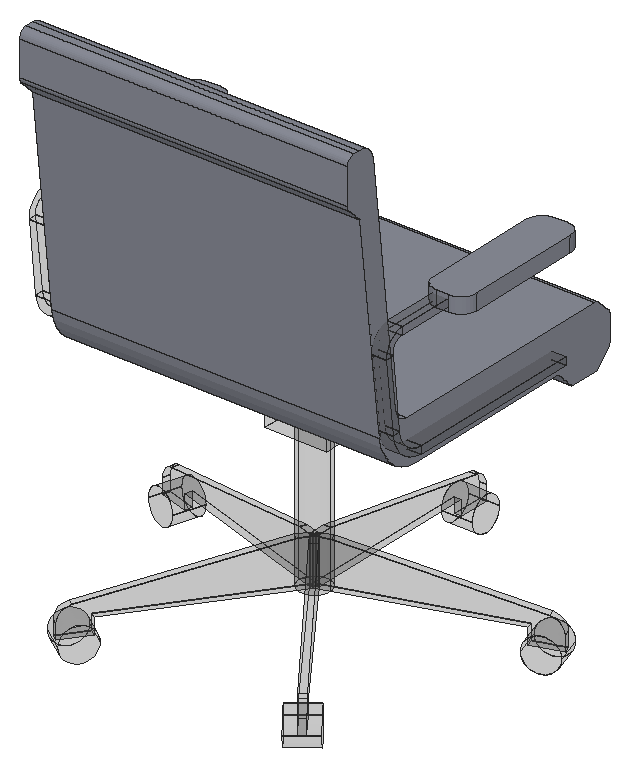
Revit family "Chair-Task Arms", category Furniture, Revit 2018
Family settings
  OmniClass Number = 23.40.20.14.14.11
  OmniClass Title = Chairs
  Work Plane-Based = No
  Always vertical = Yes
  Cut with Voids When Loaded = No
  Shared = Yes
  Room Calculation Point = No
Parameters (values of type "Chair-Task Arms")
  Assembly Code = "E2020200"
  Base Material = Plastic, Opaque Black
  Caster Material = Plastic, Opaque Black
  Seat/Back Material = Textile - Slate Blue
Reference planes (in)
  plane 1 "Center (Front/Back)": y = 0.7459
  plane 2: z = 0
  plane 3 "Center (Left/Right)": x = 5.55082
  plane 4: x = 18.05082
  plane 5: x = -6.94918
  plane 6: y = -12.7541
  plane 7: y = 14.2459
  plane 8: z = 35
  plane 9 "Seat": z = 18
  plane 10: y = -9.7541
  plane 11: z = 34
  plane 12: y = 11.2459
  plane 13: y = 10.2459
  plane 14: z = 17
  plane 15: y = -8.7541
  plane 16: z = 31
  plane 17: z = 14
  plane 18: x = 7.55082
  plane 19: x = 3.55082
  plane 20: x = 16.55082
  plane 21: x = -5.44918
  plane 22: z = 24
  plane 23: z = 24
Forms (in)
  Extrusion 1, solid, material "Textile - Slate Blue" <- "Seat/Back Material"
    sketch origin (-6.94918, 0, 0) x (0, -1, 0) y (0, 0, 1)
      loop
        arc (-10.03977, 18) -> (-10.23034, 17.96226) -> (-10.39214, 17.85473) r 0.5
        line (-10.39214, 17.85473) -> (-11.09827, 17.15331)
        arc (-11.09827, 17.15331) -> (-11.20752, 16.99069) -> (-11.2459, 16.79857) r 0.5
        line (-11.2459, 16.79857) -> (-11.2459, 15.41892)
        arc (-11.2459, 15.41892) -> (-11.17042, 15.03778) -> (-10.95537, 14.71418) r 1
        line (-10.95537, 14.71418) -> (-10.24595, 14) -> (-8.24595, 14) -> (-7.12892, 15.10959) -> (4.21689, 15.10959)
        arc (4.21689, 15.10959) -> (6.21043, 15.86776) -> (7.19634, 17.75907) r 3
        line (7.19634, 17.75907) -> (8.7541, 31) -> (9.60765, 31.85355)
        arc (9.60765, 31.85355) -> (9.71604, 32.01577) -> (9.7541, 32.20711) r 0.5
        line (9.7541, 32.20711) -> (9.7541, 34.5)
        arc (9.7541, 34.5) -> (9.60765, 34.85355) -> (9.2541, 35) r 0.5
        line (9.2541, 35) -> (8.7472, 35)
        arc (8.7472, 35) -> (8.08269, 34.74728) -> (7.75405, 34.11684) r 1
        line (7.75405, 34.11684) -> (5.96185, 18.88316)
        arc (5.96185, 18.88316) -> (5.63322, 18.25272) -> (4.9687, 18) r 1
        line (4.9687, 18) -> (-10.03977, 18)
    from -2 to -23
  Extrusion 2, solid, material "Plastic, Opaque Black" <- "Base Material"
    sketch origin (7.55082, 0, 0) x (0, -1, 0) y (0, 0, 1)
      loop
        line (0.7541, 15.10959) -> (-2.7459, 15.10959) -> (-2.7459, 14.60959) -> (-0.7459, 11.14549) -> (0.7541, 11.14549) -> (0.7541, 15.10959)
    from 0 to 4
  Extrusion 3, solid, material "Plastic, Opaque Black" <- "Base Material"
    sketch origin (5.55082, 0, 0) x (0, 1, 0) y (0, 0, 1)
      loop
        line (0.7459, 2.10959) -> (12.2459, 2.10959) -> (12.2459, 1.10959) -> (14.2459, 1.10959) -> (14.2459, 2.0664)
        arc (14.2459, 2.0664) -> (14.01195, 2.70919) -> (13.41955, 3.05121) r 1
        line (13.41955, 3.05121) -> (1.7459, 5.10959) -> (0.7459, 5.10959) -> (0.7459, 2.10959)
    from 0.25 to -0.25
  Extrusion 4, solid, material "Plastic, Opaque Black" <- "Caster Material"
    sketch origin (5.55082, 0, 0) x (0, 1, 0) y (0, 0, 1)
      loop
        circle (13.2459, 1.10959) r 1.11025
    from 1 to -1
  Extrusion 5, solid, material "Plastic, Opaque Black" <- "Base Material"
    sketch origin (6.26021, 0.51541, 0) x (-0.951057, 0.309017, 0) y (0, 0, 1)
      loop
        line (0.7459, 2.10959) -> (12.2459, 2.10959) -> (12.2459, 1.10959) -> (14.2459, 1.10959) -> (14.2459, 2.0664)
        arc (14.2459, 2.0664) -> (14.01195, 2.70919) -> (13.41955, 3.05121) r 1
        line (13.41955, 3.05121) -> (1.7459, 5.10959) -> (0.7459, 5.10959) -> (0.7459, 2.10959)
    from 0.25 to -0.25
  Extrusion 6, solid, material "Plastic, Opaque Black" <- "Caster Material"
    sketch origin (6.26021, 0.51541, 0) x (-0.951057, 0.309017, 0) y (0, 0, 1)
      loop
        circle (13.2459, 1.10959) r 1.11025
    from 1 to -1
  Extrusion 7, solid, material "Plastic, Opaque Black" <- "Base Material"
    sketch origin (5.98925, 1.34935, 0) x (-0.587785, -0.809017, 0) y (0, 0, 1)
      loop
        line (0.7459, 2.10959) -> (12.2459, 2.10959) -> (12.2459, 1.10959) -> (14.2459, 1.10959) -> (14.2459, 2.0664)
        arc (14.2459, 2.0664) -> (14.01195, 2.70919) -> (13.41955, 3.05121) r 1
        line (13.41955, 3.05121) -> (1.7459, 5.10959) -> (0.7459, 5.10959) -> (0.7459, 2.10959)
    from 0.25 to -0.25
  Extrusion 8, solid, material "Plastic, Opaque Black" <- "Caster Material"
    sketch origin (5.98925, 1.34935, 0) x (-0.587785, -0.809017, 0) y (0, 0, 1)
      loop
        circle (13.2459, 1.10959) r 1.11025
    from 1 to -1
  Extrusion 9, solid, material "Plastic, Opaque Black" <- "Base Material"
    sketch origin (5.11239, 1.34935, 0) x (0.587785, -0.809017, 0) y (0, 0, 1)
      loop
        line (0.7459, 2.10959) -> (12.2459, 2.10959) -> (12.2459, 1.10959) -> (14.2459, 1.10959) -> (14.2459, 2.0664)
        arc (14.2459, 2.0664) -> (14.01195, 2.70919) -> (13.41955, 3.05121) r 1
        line (13.41955, 3.05121) -> (1.7459, 5.10959) -> (0.7459, 5.10959) -> (0.7459, 2.10959)
    from 0.25 to -0.25
  Extrusion 10, solid, material "Plastic, Opaque Black" <- "Caster Material"
    sketch origin (5.11239, 1.34935, 0) x (0.587785, -0.809017, 0) y (0, 0, 1)
      loop
        circle (13.2459, 1.10959) r 1.11025
    from 1 to -1
  Extrusion 11, solid, material "Plastic, Opaque Black" <- "Base Material"
    sketch origin (4.84143, 0.51541, 0) x (0.951057, 0.309017, 0) y (0, 0, 1)
      loop
        line (0.7459, 2.10959) -> (12.2459, 2.10959) -> (12.2459, 1.10959) -> (14.2459, 1.10959) -> (14.2459, 2.0664)
        arc (14.2459, 2.0664) -> (14.01195, 2.70919) -> (13.41955, 3.05121) r 1
        line (13.41955, 3.05121) -> (1.7459, 5.10959) -> (0.7459, 5.10959) -> (0.7459, 2.10959)
    from 0.25 to -0.25
  Extrusion 12, solid, material "Plastic, Opaque Black" <- "Caster Material"
    sketch origin (4.84143, 0.51541, 0) x (0.951057, 0.309017, 0) y (0, 0, 1)
      loop
        circle (13.2459, 1.10959) r 1.11025
    from 1 to -1
  Extrusion 13, solid, material "Plastic, Opaque Black" <- "Base Material"
    sketch origin (0, 0, 0) x (1, 0, 0) y (0, 1, 0)
      loop
        circle (5.55082, 0.7459) r 1
    from 2.10959 to 15.125
  Sweep 14, solid, material "Plastic, Opaque Black" <- "Base Material"
    path origin (16.55082, 0, 0) x (0, -1, 0) y (0, 0, 1)
      loop
        line (-6.57606, 16.5) -> (5.05233, 16.5)
        arc (5.05233, 16.5) -> (6.38136, 17.00545) -> (7.03863, 18.26632) r 2
        line (7.03863, 18.26632) -> (7.58179, 22.88316)
        arc (7.58179, 22.88316) -> (7.33592, 23.66451) -> (6.58864, 24) r 1
        line (6.58864, 24) -> (-0.7459, 24)
    profile origin (16.55082, 0.76186, 0) x (0, 0, 1) y (-1, 0, 0)
      loop
        line (16.75, 0.5) -> (16.25, 0.5) -> (16.25, -0.5) -> (16.75, -0.5) -> (16.75, 0.5)
  Sweep 15, solid, material "Plastic, Opaque Black" <- "Base Material"
    path origin (-5.44918, 0, 0) x (0, -1, 0) y (0, 0, 1)
      loop
        line (-6.57606, 16.5) -> (4.97003, 16.5)
        arc (4.97003, 16.5) -> (6.29906, 17.00545) -> (6.95634, 18.26632) r 2
        line (6.95634, 18.26632) -> (7.49949, 22.88316)
        arc (7.49949, 22.88316) -> (7.25362, 23.66451) -> (6.50634, 24) r 1
        line (6.50634, 24) -> (-0.7459, 24)
    profile origin (-5.44918, 0.80301, 0) x (0, 0, 1) y (-1, 0, 0)
      loop
        line (16.25, -0.5) -> (16.75, -0.5) -> (16.75, 0.5) -> (16.25, 0.5) -> (16.25, -0.5)
  Extrusion 16, solid, material "Textile - Slate Blue" <- "Seat/Back Material"
    sketch origin (16.05082, 6.57606, 16.75) x (0, -1, 0) y (1, 0, 0)
      loop
        line (9.49743, 0.25) -> (9.49743, 1)
        arc (9.49743, 1) -> (9.20454, 1.70711) -> (8.49743, 2) r 1
        line (8.49743, 2) -> (1, 2)
        arc (1, 2) -> (0.29289, 1.70711) -> (0, 1) r 1
        line (0, 1) -> (0, 0.25)
        arc (0, 0.25) -> (0.29289, -0.45711) -> (1, -0.75) r 1
        line (1, -0.75) -> (8.49743, -0.75)
        arc (8.49743, -0.75) -> (9.20454, -0.45711) -> (9.49743, 0.25) r 1
      loop
        line (9.45628, -22) -> (9.45628, -21.25)
        arc (9.45628, -21.25) -> (9.16339, -20.54289) -> (8.45628, -20.25) r 1
        line (8.45628, -20.25) -> (1, -20.25)
        arc (1, -20.25) -> (0.29289, -20.54289) -> (0, -21.25) r 1
        line (0, -21.25) -> (0, -22)
        arc (0, -22) -> (0.29289, -22.70711) -> (1, -23) r 1
        line (1, -23) -> (8.45628, -23)
        arc (8.45628, -23) -> (9.16339, -22.70711) -> (9.45628, -22) r 1
    from 6.75 to 7.75
Lines and regions (in)
  Masking region 1
    outline origin (0, 0, 18) x (0, -1, 0) y (1, 0, 0)
      loop
        line (-11.09827, -5.19918) -> (-6.62261, -5.19918) -> (-6.62261, -5.94821)
        arc (-6.62261, -5.94821) -> (-6.32081, -6.6768) -> (-5.59222, -6.97859) r 1.03038
        line (-5.59222, -6.97859) -> (1.93758, -6.97859)
        arc (1.93758, -6.97859) -> (2.68558, -6.66875) -> (2.99542, -5.92075) r 1.05784
        line (2.99542, -5.92075) -> (2.99542, -5.19918) -> (8.60765, -5.19918)
        arc (8.60765, -5.19918) -> (9.16662, -5.02837) -> (9.53463, -4.5743) r 1
        arc (9.53463, -4.5743) -> (9.69764, -4.28044) -> (9.7541, -3.94918) r 1
        line (9.7541, -3.94918) -> (9.7541, 15.05082)
        arc (9.7541, 15.05082) -> (9.69764, 15.38208) -> (9.53463, 15.67594) r 1
        arc (9.53463, 15.67594) -> (9.16662, 16.13001) -> (8.60765, 16.30082) r 1
        line (8.60765, 16.30082) -> (3.03621, 16.30082) -> (3.03621, 17.02246)
        arc (3.03621, 17.02246) -> (2.72643, 17.77034) -> (1.97856, 18.08012) r 1.05766
        line (1.97856, 18.08012) -> (-5.59212, 18.08012)
        arc (-5.59212, 18.08012) -> (-6.32061, 17.77837) -> (-6.62236, 17.04988) r 1.03024
        line (-6.62236, 17.04988) -> (-6.62236, 16.30082) -> (-11.09827, 16.30082) -> (-11.09827, -5.19918)
  symbolic lines
    curve 1: line (-3.94918, -9.7541, 18) -> (15.05082, -9.7541, 18)
    curve 2: line (-4.94918, -8.7541, 18) -> (-4.94918, -6.9687, 18)
    curve 3: line (-2.94918, -4.9687, 18) -> (14.05082, -4.9687, 18)
    curve 4: line (16.05082, -8.7541, 18) -> (16.05082, -6.9687, 18)
    curve 5: arc (-2.94918, -4.9687, 18) -> (-4.36339, -5.55449, 18) -> (-4.94918, -6.9687, 18) r 2
    curve 6: arc (14.05082, -4.9687, 18) -> (15.46503, -5.55449, 18) -> (16.05082, -6.9687, 18) r 2
    curve 7: arc (-4.94918, -8.7541, 18) -> (-4.65629, -9.46121, 18) -> (-3.94918, -9.7541, 18) r 1
    curve 8: arc (16.05082, -8.7541, 18) -> (15.75793, -9.46121, 18) -> (15.05082, -9.7541, 18) r 1
    curve 9: line (-5.19918, 11.09827, 18) -> (16.30082, 11.09827, 18)
    curve 10: line (-5.19918, -2.99542, 18) -> (-5.19918, -8.60765, 18)
    curve 11: line (-4.19918, -9.60765, 18) -> (15.30082, -9.60765, 18)
    curve 12: line (16.30082, -3.03621, 18) -> (16.30082, -8.60765, 18)
    curve 13: arc (-5.19918, -8.60765, 18) -> (-4.90629, -9.31476, 18) -> (-4.19918, -9.60765, 18) r 1
    curve 14: arc (16.30082, -8.60765, 18) -> (16.00793, -9.31476, 18) -> (15.30082, -9.60765, 18) r 1
    curve 15: line (-3.92767, -1.72391, 18) -> (-3.92767, 5.35109, 18)
    curve 16: line (-6.97859, 5.59222, 18) -> (-6.97859, -1.93758, 18)
    curve 17: line (-5.19918, 6.62261, 18) -> (-5.94821, 6.62261, 18)
    curve 18: arc (-5.94821, 6.62261, 18) -> (-6.6768, 6.32081, 18) -> (-6.97859, 5.59222, 18) r 1.03038
    curve 19: arc (-3.92767, 5.35109, 18) -> (-4.30008, 6.25019, 18) -> (-5.19918, 6.62261, 18) r 1.27151
    curve 20: arc (-6.97859, -1.93758, 18) -> (-6.66875, -2.68558, 18) -> (-5.92075, -2.99542, 18) r 1.05784
    curve 21: arc (-5.19918, -2.99542, 18) -> (-4.30008, -2.623, 18) -> (-3.92767, -1.72391, 18) r 1.27151
    curve 22: line (-5.92075, -2.99542, 18) -> (-5.19918, -2.99542, 18)
    curve 23: line (15.02981, 5.35135, 18) -> (15.02981, -1.7652, 18)
    curve 24: arc (16.30082, 6.62236, 18) -> (15.40208, 6.25009, 18) -> (15.02981, 5.35135, 18) r 1.27101
    curve 25: line (17.04988, 6.62236, 18) -> (16.30082, 6.62236, 18)
    curve 26: arc (17.04988, 6.62236, 18) -> (17.77837, 6.32061, 18) -> (18.08012, 5.59212, 18) r 1.03024
    curve 27: line (18.08012, -1.97856, 18) -> (18.08012, 5.59212, 18)
    curve 28: arc (17.02246, -3.03621, 18) -> (17.77034, -2.72643, 18) -> (18.08012, -1.97856, 18) r 1.05766
    curve 29: line (16.30082, -3.03621, 18) -> (17.02246, -3.03621, 18)
    curve 30: arc (16.30082, -3.03621, 18) -> (15.40208, -2.66394, 18) -> (15.02981, -1.7652, 18) r 1.27101
    curve 31: line (-5.19918, 11.09827, 18) -> (-5.19918, 6.62261, 18)
    curve 32: line (16.30082, 11.09827, 18) -> (16.30082, 6.62236, 18)
Dimensions and locks (in)
  equal spacing: plane 5, plane 3 "Center (Left/Right)", plane 4
  plane 5 to plane 4 = 2' - 1"
  equal spacing: plane 6, plane 1 "Center (Front/Back)", plane 7
  plane 6 to plane 7 = 2' - 3"
  aligned: Masking region 1 sketch curve to curve 16
Automatic sketch dimensions
  plane 20 to curve 32 = 0' - 0 1/4"
  plane 7 to curve 32 = 0' - 3.14763"
  curve 31 to plane 21 = 0' - 0 1/4"
  curve 9 to curve 31 = 0' - 4.47567"
  curve 9 to curve 32 = 0' - 4.47591"
  curve 17 to curve 18 = 0' - 1.03038"
  curve 26 to plane 4 = 0' - 0.0293"
  curve 26 to curve 24 = 0' - 0.24077"
  plane 1 "Center (Front/Back)" to curve 15 = 0' - 2.46981"
  plane 20 to curve 30 = 0' - 0 1/4"
  plane 1 "Center (Front/Back)" to curve 30 = 0' - 2.5111"
  plane 5 to curve 20 = 0' - 0.02941"
  curve 21 to curve 20 = 0' - 0.21367"
  curve 30 to curve 28 = 0' - 0.21335"
  curve 21 to curve 21 = 0' - 1.27151"
  curve 28 to plane 20 = 0' - 0.47164"
  curve 21 to curve 3 = 0' - 1.97328"
  curve 6 to curve 4 = 0' - 2"
  curve 4 to curve 14 = 0' - 1.63895"
  curve 2 to curve 13 = 0' - 1.63895"
  curve 13 to curve 7 = 0' - 0.14645"
  curve 14 to curve 8 = 0' - 0.14645"
  curve 7 to curve 13 = 0' - 0.85355"
  curve 8 to curve 11 = 0' - 0.85355"
  curve 11 to curve 7 = 0' - 0.14645"
  curve 13 to plane 21 = 0' - 0 1/4"
  curve 13 to curve 7 = 0' - 0 1/4"
  curve 1 to curve 14 = 0' - 0 1/4"
  plane 20 to Masking region 1 sketch curve = 0' - 0 1/4"  (x2)
  plane 7 to Masking region 1 sketch curve = 0' - 3.14763"
  plane 21 to Masking region 1 sketch curve = 0' - 0.49903"
  Masking region 1 sketch curve to Masking region 1 sketch curve = 0' - 4.47567"
  Masking region 1 sketch curve to plane 20 = 0' - 0.49906"
  Masking region 1 sketch curve to Masking region 1 sketch curve = 0' - 4.47591"
  Masking region 1 sketch curve to plane 4 = 0' - 0.0293"
  Masking region 1 sketch curve to plane 20 = 0' - 0.47164"
  plane 1 "Center (Front/Back)" to Masking region 1 sketch curve = 0' - 2.72446"
  Masking region 1 sketch curve to plane 21 = 0' - 0 1/4"  (x2)
  Masking region 1 sketch curve to plane 6 = 0' - 4.14645"  (x2)
  Masking region 1 sketch curve to Masking region 1 sketch curve = 0' - 0.14645"  (x2)
  Masking region 1 sketch curve to Masking region 1 sketch curve = 0' - 0.78053"
  Masking region 1 sketch curve to Masking region 1 sketch curve = 0' - 0.92698"
  Masking region 1 sketch curve to Masking region 1 sketch curve = 0' - 0.21947"
  Masking region 1 sketch curve to plane 21 = 0' - 0.87488"
  Masking region 1 sketch curve to Masking region 1 sketch curve = 0' - 1 1/4"
  plane 1 "Center (Front/Back)" to Masking region 1 sketch curve = 0' - 3.74132"
  plane 21 to Masking region 1 sketch curve = 0' - 0.47157"
  plane 5 to Masking region 1 sketch curve = 0' - 0.02941"
